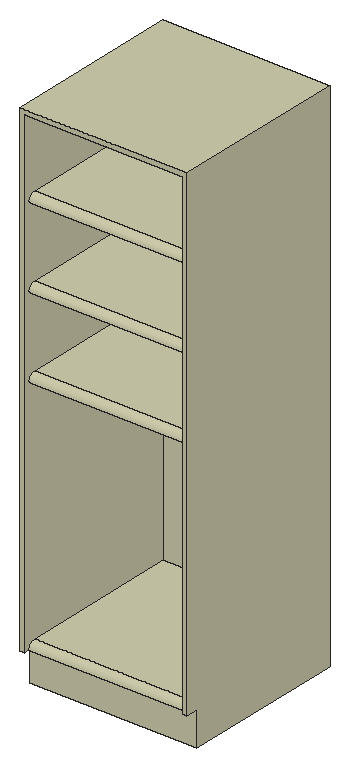
Revit family "Wenger Cabinet 33", category Furniture, Revit 2011
Parameters (values of type "Standard Cabinet #33")
  URL = "http://www.wengercorp.com/Home/Contact.html"
  Toekick Material [instance] = none
  RH End Panel [instance] = no
  Model = "33"
  Manufacturer = "Wenger Corporation"
  LH End Panel [instance] = no
  End Panel Material [instance] = none
  Edge Banding Material [instance] = none
  Door Material [instance] = none
  Description = "Standard Cabinet #33"
  Cabinet Width = 27 1/2"
  Cabinet Label = Labels : Standard
  Cabinet Height = 85 5/8"
  Cabinet Depth = 29 1/4"
  Cabinet Back Thickness = 3/4"
  Assembly Code = ""
Reference planes (in)
  plane 1 "Front": y = 0
  plane 2: z = 0
  plane 3 "Left": x = 0
  plane 4 "Right": x = 27.5
  plane 5 "Back": y = 29.25
  plane 6 "Top": z = 85.625
  plane 7: z = 5.625
  plane 8: z = 45.125
  plane 9: z = 58.375
  plane 10: z = 71.625
  plane 11: x = 0.75
  plane 12: x = 26.75
  plane 13: z = 84.875
  plane 14: y = 28.5
  plane 15: y = 2
  plane 16: y = 0.75
  plane 17: z = 46.25
  plane 18: z = 59.5
  plane 19: z = 72.75
  plane 20: z = 6.75
  plane 21: z = 43.32611
  plane 22: z = 42.07611
Forms (in)
  Extrusion 1, solid, material "Wenger - Oyster"
    sketch origin (0, 0, 0) x (0, 1, 0) y (0, 0, 1)
      loop
        line (0, 85.625) -> (0, 5.625) -> (2, 5.625) -> (2, 0) -> (29.25, 0) -> (29.25, 85.625) -> (0, 85.625)
    from 0 to 27.5
  Extrusion 2, void
    sketch origin (0, 0, 0) x (0, 1, 0) y (0, 0, 1)
      loop
        line (-5.5, 84.875) -> (-5.5, 45.125) -> (0.75, 45.125)
        arc (0.75, 45.125) -> (1.18296, 45.90088) -> (2, 46.25) r 1.375
        line (2, 46.25) -> (28.5, 46.25) -> (28.5, 58.375) -> (0.75, 58.375)
        arc (0.75, 58.375) -> (1.18296, 59.15088) -> (2, 59.5) r 1.375
        line (2, 59.5) -> (28.5, 59.5) -> (28.5, 71.625) -> (0.75, 71.625)
        arc (0.75, 71.625) -> (1.18296, 72.40088) -> (2, 72.75) r 1.375
        line (2, 72.75) -> (28.5, 72.75) -> (28.5, 84.875) -> (-5.5, 84.875)
    from 0.75 to 26.75
  Extrusion 3, void
    sketch origin (0, 0, 0) x (0, 1, 0) y (0, 0, 1)
      loop
        line (0, 84.875) -> (0, 5.625) -> (0.0625, 5.625) -> (0.0625, 84.875) -> (0, 84.875)
    from 0.75 to 26.75
  Extrusion 4, void
    sketch origin (0, 0, 0) x (0, 1, 0) y (0, 0, 1)
      loop
        arc (0.75, 5.625) -> (1.22263, 6.43197) -> (2.10208, 6.75) r 1.375
        line (2.10208, 6.75) -> (28.5, 6.75) -> (28.5, 45.125) -> (-13.14123, 45.125) -> (-13.14123, 5.625) -> (0.75, 5.625)
    from 0.75 to 26.75
  Extrusion 5, solid
    sketch origin (0, -6.69064, -19.02389) x (0, 1, 0) y (0, 0, 1)
      loop
        line (21.92299, 61.1) -> (21.9972, 61.1) -> (21.9972, 62.35) -> (21.37849, 62.35) -> (21.15949, 61.97068) -> (21.22376, 61.93357) -> (21.42134, 62.27578) -> (21.92299, 62.27578) -> (21.92299, 61.1)
    from 0.75 to 26.75
Cuts and joins
  Extrusion 2, Extrusion 3, Extrusion 4 cuts Extrusion 1
Lines and regions (in)
  symbolic lines
    curve 1: line (0, 29.25, 0) -> (27.5, 29.25, 0)
    curve 2: line (0, 0, 0) -> (0, 29.25, 0)
    curve 3: line (27.5, 0, 0) -> (0, 0, 0)
    curve 4: line (27.5, 29.25, 0) -> (27.5, 0, 0)
Dimensions and locks (in)
  locked: plane 3 "Left" to plane 11 at 0.75
  locked: plane 12 to plane 4 "Right" at 0.75
  "Cabinet Back Thickness": plane 5 "Back" to plane 14
  locked: plane 1 "Front" to plane 16 at 0.75
  locked: plane 1 "Front" to plane 15 at 2
  locked: plane 17 to plane 8 at 1.125
  locked: plane 18 to plane 9 at 1.125
  locked: plane 19 to plane 10 at 1.125
  locked: plane 6 "Top" to plane 13 at 0.75
  locked: plane 20 to plane 7 at 1.125
  plane 12 to plane 3 "Left" = 26 3/4"
  "Cabinet Width": plane 3 "Left" to plane 4 "Right"
  locked: plane 7 to level at 5.625
  "Cabinet Height": plane 6 "Top" to level
  "Cabinet Depth": plane 1 "Front" to plane 5 "Back"
  plane 11 to plane 12 = 26"
  plane 13 to plane 7 = 79 1/4"
  locked: plane 17 to plane 20 at 39.5
  equal spacing: plane 13, plane 10, plane 9, plane 8
  plane 21 to plane 20 = 36.57611"
  plane 22 to level = 42.07611"
  plane 8 to plane 22 = 3.04889"
  plane 9 to plane 8 = 13 1/4"
  plane 10 to plane 9 = 13 1/4"
  plane 13 to plane 19 = 12 1/8"
  plane 9 to plane 17 = 12 1/8"
  aligned and locked: Extrusion 1 sketch curve to plane 6 "Top"
  aligned and locked: Extrusion 1 sketch curve to plane 5 "Back"
  aligned and locked: Extrusion 1 sketch curve to plane 1 "Front"
  aligned and locked: Extrusion 1 sketch curve to plane 7
  aligned and locked: Extrusion 1 sketch curve to plane 15
  aligned and locked: Extrusion 1 sketch curve to level
  aligned and locked: Extrusion 1 to plane 4 "Right"
  aligned and locked: Extrusion 1 to plane 3 "Left"
  aligned and locked: Extrusion 2 sketch curve to plane 13
  aligned and locked: Extrusion 2 sketch curve to plane 14
  aligned and locked: Extrusion 2 sketch curve to plane 10
  aligned and locked: Extrusion 2 sketch curve to plane 18
  aligned and locked: Extrusion 2 sketch curve to plane 9
  aligned and locked: Extrusion 2 sketch curve to plane 17
  aligned and locked: Extrusion 2 sketch curve to plane 8
  aligned and locked: Extrusion 2 sketch curve to plane 19
  aligned and locked: Extrusion 2 to plane 11
  aligned and locked: Extrusion 3 sketch curve to cut or joined group of Extrusion 1, Extrusion 2, Extrusion 3, Extrusion 4  (x3)
  aligned and locked: Extrusion 3 to plane 12
  aligned and locked: Extrusion 3 to plane 11
  aligned and locked: plane 3 "Left" to curve 2
  aligned and locked: curve 1 to plane 5 "Back"
  aligned and locked: plane 4 "Right" to curve 4
  aligned and locked: curve 3 to plane 1 "Front"
  aligned and locked: plane 7 to Extrusion 4 sketch curve
  aligned and locked: plane 20 to Extrusion 4 sketch curve
  aligned and locked: Extrusion 4 sketch curve to plane 14
  aligned and locked: Extrusion 4 sketch curve to plane 8
  aligned and locked: Extrusion 4 to plane 12
  aligned and locked: Extrusion 4 to plane 11
  aligned and locked: Extrusion 2 to plane 12
  aligned and locked: Extrusion 5 to plane 11
  aligned and locked: Extrusion 5 to plane 12
Automatic sketch dimensions
  Extrusion 2 sketch curve to plane 16 = 0"  (x3)
  Extrusion 2 sketch curve to plane 15 = 0"  (x3)
  Extrusion 2 sketch curve to plane 14 = 0"  (x2)
  plane 1 "Front" to Extrusion 2 sketch curve = 5 1/2"
  Extrusion 2 sketch curve to plane 15 = 0.10279"  (x3)
  plane 16 to Extrusion 3 sketch curve = 11/16"
  Extrusion 4 sketch curve to plane 1 "Front" = 2.10208"
  Extrusion 4 sketch curve to Extrusion 4 sketch curve = 1.35208"
  plane 1 "Front" to Extrusion 4 sketch curve = 13.14123"
  plane 21 to Extrusion 5 sketch curve = 0"
  Extrusion 5 sketch curve to plane 22 = 0"
  plane 21 to Extrusion 5 sketch curve = 0.37932"
  Extrusion 5 sketch curve to plane 15 = 12.46885"
  plane 21 to Extrusion 5 sketch curve = 0.41643"
  Extrusion 5 sketch curve to Extrusion 5 sketch curve = 0.06428"
  plane 21 to Extrusion 5 sketch curve = 19/256"
  Extrusion 5 sketch curve to Extrusion 5 sketch curve = 0.50165"
  Extrusion 5 sketch curve to Extrusion 5 sketch curve = 19/256"
Nested families (in)
  nested 1: "LH End Panel" at (0, 14.25, 0) x (0, -1, 0) z (0, 0, 1), End Panel Material <- "End Panel Material", visible <- "LH End Panel", Edge Banding Material <- "Edge Banding Material", type "20x84 LH"
    with End Panel Material none, Edge Banding Material none, End Panel Depth 29 1/4"
  nested 2: "RH End Panel" at (28.25, 14.25, 0) x (0, -1, 0) z (0, 0, 1), End Panel Material <- "End Panel Material", visible <- "RH End Panel", Edge Banding Material <- "Edge Banding Material", type "20x84 RH"
    with End Panel Material none, Edge Banding Material none, End Panel Depth 29 1/4"
  nested 3: "Labels" at (11.125, 14.28125, 0), type <- "Cabinet Label", type "Standard"
  nested 4: "Front Note" at (11.08144, 0.75, 0), type "Front Note", detail levels medium+fine
Definition of nested family "LH End Panel"
  Parameters (values of type "20x84 LH")
    End Panel Material [instance] = none
    End Panel Height = 85 5/8"
    End Panel Depth = 19 1/4"
    Edge Banding Material [instance] = none
    Default Elevation = 48"
    Assembly Code = ""
  Reference planes (in)
    plane 1 "Center (Front/Back)": y = 0
    plane 2: z = 0
    plane 3 "Center (Left/Right)": x = 0
    plane 4: x = -15
    plane 5: x = 4.25
    plane 6: z = 5.625
    plane 7: x = 2.25
    plane 8: z = 85.625
    plane 9: y = -0.75
  Forms (in)
    Extrusion 1, solid, material <- "End Panel Material"
      sketch origin (0, 0, 0) x (1, 0, 0) y (0, 0, 1)
        loop
          line (-15, 85.625) -> (-15, 0) -> (2.25, 0) -> (2.25, 5.625) -> (4.25, 5.625) -> (4.25, 85.625) -> (-15, 85.625)
      from 0 to 0.75
  Dimensions and locks (in)
    locked: plane 7 to plane 5 at 2
    locked: plane 6 to level at 5.625
    "End Panel Height": plane 8 to level
    "End Panel Depth": plane 5 to plane 4
    locked: plane 9 to plane 1 "Center (Front/Back)" at 0.75
    aligned and locked: plane 4 to Extrusion 1 sketch curve
    aligned and locked: level to Extrusion 1 sketch curve
    aligned and locked: plane 7 to Extrusion 1 sketch curve
    aligned and locked: plane 6 to Extrusion 1 sketch curve
    aligned and locked: Extrusion 1 sketch curve to plane 5
    aligned and locked: Extrusion 1 sketch curve to plane 8
    aligned and locked: Extrusion 1 to plane 9
    aligned and locked: Extrusion 1 to plane 1 "Center (Front/Back)"
Definition of nested family "RH End Panel"
  Parameters (values of type "20x84 RH")
    End Panel Material [instance] = none
    End Panel Height = 85 5/8"
    End Panel Depth = 19 1/4"
    Edge Banding Material [instance] = none
    Default Elevation = 48"
    Assembly Code = ""
  Reference planes (in)
    plane 1 "Center (Front/Back)": y = 0
    plane 2: z = 0
    plane 3 "Center (Left/Right)": x = 0
    plane 4: x = -15
    plane 5: x = 4.25
    plane 6: z = 5.625
    plane 7: x = 2.25
    plane 8: z = 85.625
    plane 9: y = -0.75
  Forms (in)
    Extrusion 1, solid, material <- "End Panel Material"
      sketch origin (0, 0, 0) x (1, 0, 0) y (0, 0, 1)
        loop
          line (-15, 85.625) -> (-15, 0) -> (2.25, 0) -> (2.25, 5.625) -> (4.25, 5.625) -> (4.25, 85.625) -> (-15, 85.625)
      from 0 to 0.75
  Dimensions and locks (in)
    locked: plane 7 to plane 5 at 2
    locked: plane 6 to level at 5.625
    "End Panel Height": plane 8 to level
    "End Panel Depth": plane 5 to plane 4
    locked: plane 9 to plane 1 "Center (Front/Back)" at 0.75
    aligned and locked: plane 4 to Extrusion 1 sketch curve
    aligned and locked: level to Extrusion 1 sketch curve
    aligned and locked: plane 7 to Extrusion 1 sketch curve
    aligned and locked: plane 6 to Extrusion 1 sketch curve
    aligned and locked: Extrusion 1 sketch curve to plane 5
    aligned and locked: Extrusion 1 sketch curve to plane 8
    aligned and locked: Extrusion 1 to plane 9
    aligned and locked: Extrusion 1 to plane 1 "Center (Front/Back)"
Definition of nested family "Labels"
  Parameters (values of type "Standard")
    Cabinet Label = "01"
  Types (4): name | Cabinet Label
    Standard | "01"
    Narrow | "01N"
    Narrow Acoustic | "01NA"
    Acoustic | "01A"
  Reference planes (in)
    plane 1: y = 0
    plane 2: x = 0
  Text (in)
    label "xxxx" at (-0.00018, 0.00754, 0), shows "Cabinet Label"
Definition of nested family "Front Note"
  Parameters (values of type "Front Note")
    Cabinet Label = "Front"
  Reference planes (in)
    plane 1: y = 0
    plane 2: x = 0
  Text (in)
    label "Front" at (-0.00018, 0.00754, 0), shows "Cabinet Label"
